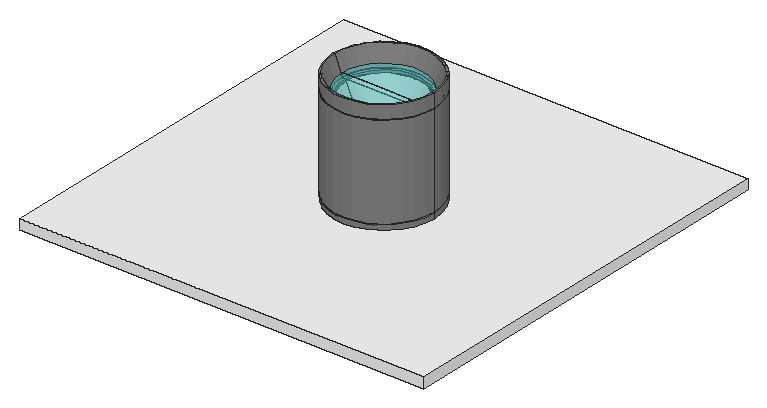
Revit family "BE_24409_de_DE", category Leuchten, Revit 2020
Family settings
  Basisbauteil = Fläche
  Bemaßung runder Anschluss = Durchmesser verwenden
  Teiletyp = Normal
  Beim Laden mit Abzugskörper schneiden = Ja
  Lichtquelle = Ja
  Gemeinsam genutzt = Nein
  Raumberechnungspunkt = Ja
Parameters (values of type "BEGA_24409_Grafit_K3")
  built-in parameter 1150104 = 10.405 (stored number, unit not read)
  Wattage = 8 W
  Default Elevation = 0 mm
  built-in parameter 1150113 = 1 (stored number, unit not read)
  built-in parameter 1114218 = 1 (stored number, unit not read)
  Umgebungstemperatur = "25 °C"
  URL = "https://www.bega.com/de/produkt/24409"
  Typenkommentare = "© 2022 BEGA. Wir behalten uns das Recht vor, technische Änderungen ohne vorherige Ankündigung vorzunehmen."  # constant formula
  Type Image = 24409.png
  built-in parameter 1150134 = (empty or 0)
  built-in parameter 1150109 = 1 (stored number, unit not read)
  Strom = ""
  built-in parameter 1150110 = 1 (stored number, unit not read)
  Spannung = 239.996 V
  Sonderanfertigung = no
  Seriennummer [instance] = "Hier können Sie die eindeutige Seriennummer für das Facility Management eintragen."
  Schutzklasse = "I"
  Schutzart = "IP 65"
  Scheinlast = 0 VA
  Produktdatenblatt = "https://cdn.bega.com/bega/products/24409K3/current/documents/data-sheets/de"
  Oberflächentemperatur = ""
  Neigungswinkel = 0.00°
  Modell = "24409K3"
  Material_17 = BEGA_Reflektor
  Material_15 = BEGA_Leuchtmedium_matt
  Material_11 = BEGA_Glas_opal
  Material_09 = BEGA_Glas_klar
  Material_06 = BEGA_Oberfläche_Edelstahl_gebürstet
  Material_03 = BEGA_Oberfläche_Weiss_matt
  Material_02 = BEGA_Oberfläche_Silber_matt
  Material_01 [instance] = BEGA_Oberfläche_Grafit_matt
  M_W = no
  M_G = yes
  M_A = no
  Logo = 0
  built-in parameter 1114217 = 1 (stored number, unit not read)
  built-in parameter 1150139 = (empty or 0)
  built-in parameter 1150105 = 71.301 (stored number, unit not read)
  built-in parameter 1150114 = 1 (stored number, unit not read)
  Lumens = 896 lm
  built-in parameter 1150115 = 1 (stored number, unit not read)
  Leuchtenlichtstrom = "899 lm"
  Leuchtenanzahl = ""
  Lebensdauerkriterien = "L70B50 @ 25 °C = 200000 h"
  Lastklassifizierung = Beleuchtung
  built-in parameter 1150112 = 1 (stored number, unit not read)
  Lampenlichtstrom = "1165 lm"
  Lampe = "LED 8 W"
  LED_Modulbezeichnung = "LED-1030/830"
  Hersteller = "BEGA"  # constant formula
  Halbstreuwinkel = ""
  Gewicht = "0.8 kg"
  Gebrauchslageneinschränkung [instance] = ""
  Frequenz = "0/50-60 Hz"
  Farbwiedergabeindex = "CRI > 80"
  Farbtemperaturverschiebung bei Dämpfen der Lampe = <Keine Auswahl>
  Farbtemperatur = "3000 K"
  Color Filter = 16777215
  built-in parameter 1150133 = 10 (stored number, unit not read)
  Energieeffizienzklasse = "LED A++ - A"
  built-in parameter 1150137 = (empty or 0)
  built-in parameter 1150132 = (empty or 0)
  ENEC = "ja"
  Dimmbar [instance] = "on/off"
  Datei für fotometrisches Netz = "BE_24409K3.IES"
  CE_Konformität = "ja"
  Bestellnummer = "24409K3"
  Beschreibung_Sonderanfertigung = "Hier können Sie Informationen zur Sonderanfertigung eintragen."
  Beschreibung = "Deckenaufbau-Tiefstrahler"
  built-in parameter 1150106 = 0.71301 (stored number, unit not read)
  Befestigungsbohrung = "Ø 4,3 mm"
  Befestigungsabstand = "76 mm"
  Ballwurfsicher = ""
  BEGA_Intern_aus = yes
  BEGA_Intern_an = yes
  BEGA_Intern_Konstruktion = yes
  BEGA_Intern = yes
  BEGA_IES = yes
  BEGA_Dummy = no
  Anschlussleitung = ""
  Anschlussleistung [instance] = "9.2 W"
  Anschlusskasten = ""
  built-in parameter 1150107 = 3000 (stored number, unit not read)
  built-in parameter 1150102 = (empty or 0)
  built-in parameter 1150138 = (empty or 0)
  Aktualisierung = "2022-05-18T04:00:07"
  Abstand_zur_angestrahlten_Fläche [instance] = ""
  AC/DC = "AC/DC"
Types (4, lengths in mm): name | built-in parameter 1150104 | built-in parameter 1150134 | Modell | M_W | M_G | built-in parameter 1150105 | Lumens | Leuchtenlichtstrom | Lampenlichtstrom | LED_Modulbezeichnung | Farbtemperatur | Datei für fotometrisches Netz | Bestellnummer | built-in parameter 1150106 | built-in parameter 1150107
  BEGA_24409_Weiß_K4 | 11.148 (stored number, unit not read) | 12 | "24409WK4" | yes | no | 1244 (stored number, unit not read) | 960 lm | "957 lm" | "1240 lm" | "LED-1030/840" | "4000 K" | "BE_24409K4.IES" | "24409WK4" | 12.44 (stored number, unit not read) | 4000 (stored number, unit not read)
  BEGA_24409_Weiß_K3 | 10.405 (stored number, unit not read) | (empty or 0) | "24409WK3" | yes | no | 1161 (stored number, unit not read) | 896 lm | "899 lm" | "1165 lm" | "LED-1030/830" | "3000 K" | "BE_24409K3.IES" | "24409WK3" | 11.61 (stored number, unit not read) | 3000 (stored number, unit not read)
  BEGA_24409_Grafit_K4 | 11.148 (stored number, unit not read) | 12 | "24409K4" | no | yes | 1244 (stored number, unit not read) | 960 lm | "957 lm" | "1240 lm" | "LED-1030/840" | "4000 K" | "BE_24409K4.IES" | "24409K4" | 12.44 (stored number, unit not read) | 4000 (stored number, unit not read)
  BEGA_24409_Grafit_K3 | 10.405 (stored number, unit not read) | (empty or 0) | "24409K3" | no | yes | 71.301 (stored number, unit not read) | 896 lm | "899 lm" | "1165 lm" | "LED-1030/830" | "3000 K" | "BE_24409K3.IES" | "24409K3" | 0.71301 (stored number, unit not read) | 3000 (stored number, unit not read)
Reference planes
  plane 1 "Mitte (Vorne/Hinten)": y = 0
  plane 2: z = 0
  plane 3 "Mitte (Links/Rechts)": x = 0
  plane 4 "Links": x = -50
  plane 5 "Rechts": x = 50
  plane 6 "Unten": y = -50
  plane 7 "Oben": y = 50
  plane 8 "Vorne": z = 111.421
  plane 9 "Hinten": z = 0
Forms (mm)
  Extrusion 1, solid, material "BEGA_Platte_Weiss"
    sketch origin (0, -1119.2, 0) x (1, 0, 0) y (0, 1, 0)
      loop
        line (-200, 1319.2) -> (-200, 919.2) -> (200, 919.2) -> (200, 1319.2) -> (-200, 1319.2)
    from 0 to -10
  Extrusion 2, solid, material "BEGA_Dummy_matt", visible <- "BEGA_Dummy"
    sketch origin (77.149, -76.023, 0) x (1, 0, 0) y (0, 1, 0)
      loop
        circle (-77.149, 76.023) r 50
    from 0 to 111.4
Dimensions and locks
  plane 1 "Mitte (Vorne/Hinten)" to Extrusion 1 = 200 mm
  aligned and locked: plane 2 to Extrusion 1
  aligned and locked: level to Extrusion 1
Nested families
  nested 1: "BE_24409" at (0, 0, 0), type "BE_24409"
Connectors
  electrical at (0, 0, 0), driven by "Lastklassifizierung", driven by "Spannung", driven by "Scheinlast"
    settings: index 1, voltage 239.996 V, apparent load 0 VA, apparent load phase1 0 VA, apparent load phase2 0 VA, apparent load phase3 0 VA, power factor 1, load classification "Beleuchtung", number of poles 1, system type 31, power factor state 1, is connector primary yes, connector utility no, sub classification motor no, connector description ""
Definition of nested family "BE_24409"
  Parameters (values of type "BE_24409")
    Default Elevation = 1 mm
    URL = "http://www.bega.de/de/produkt"
    Type Comments = "© 2015 BEGA. Wir behalten uns das Recht vor, technische Änderungen ohne vorherige Ankündigung vorzunehmen. "  # constant formula
    Type Image = (empty or 0)
    Neigungswinkel_um_Z2 = 0.00°
    Neigungswinkel_um_Z1 = 0.00°
    Neigungswinkel_um_Y2 = 0.00°
    Neigungswinkel_um_Y1 = 0.00°
    Neigungswinkel_um_X2 = 0.00°
    Neigungswinkel_um_X1 = 0.00°
    Material_17 = none
    Material_15 = none
    Material_11 = none
    Material_09 = none
    Material_06 = none
    Material_03 = none
    Material_02 = none
    Material_01 = none
    M_W = yes
    M_G = yes
    M_A = yes
    Länge_Platte = 200 mm  # constant formula
    Höhe_Platte = -10 mm  # constant formula
    Manufacturer = "BEGA"  # constant formula
    Drehwinkel_um_Z2 = 0.00°
    Drehwinkel_um_Z1 = 0.00°
    Breite_Platte = 200 mm  # constant formula
  Reference planes
    plane 1 "Mitte (Oben/Unten)": y = 0
    plane 2: z = 0
    plane 3 "Mitte (Links/Rechts)": x = 0
    plane 4 "Vorne": z = 111.4
    plane 5 "Hinten": z = -25
    plane 6 "Links": x = -50
    plane 7 "Oben": y = 50
    plane 8 "Unten": y = -50
    plane 9: x = 50
  Forms (mm)
    Extrusion 1, solid, detail levels medium
      sketch origin (0, 0, 0) x (1, 0, 0) y (0, 1, 0)
        loop
          line (-100, 100) -> (-100, -100) -> (100, -100) -> (100, 100) -> (-100, 100)
      from 0 to -10 <- "Höhe_Platte"
    Revolve 2, solid, material <- "Material_01", visible <- "M_G"
      sketch origin (0, 0, 0) x (1, 0, 0) y (0, 0, 1)
        loop
          line (-50, 111.4) -> (-50, 98.417) -> (-47.884, 98.194) -> (-45.886, 94.734) -> (-47, 94.091) -> (-47, 85.55) -> (-45.078, 84.9) -> (-42.843, 84.9) -> (-42.651, 90.4) -> (-38.087, 90.4) -> (-38, 92.9) -> (-41.306, 92.9) -> (-48.5, 111.4) -> (-50, 111.4)
        axis (0, 111.4) -> (0, 84.9)
      angle from 0 to 360
    Revolve 3, solid, material <- "Material_01", visible <- "M_G"
      sketch origin (0, 0, 0) x (1, 0, 0) y (0, 0, 1)
        loop
          line (-50, 97.4) -> (-50, 6) -> (-47.965, 6) -> (-47.303, 24.964) -> (-40.001, 24.964) -> (-39.417, 41.7) -> (0, 41.7) -> (0, 46.7) -> (-38.893, 46.7) -> (-40, 78.398) -> (-47.293, 78.398) -> (-48, 94.4) -> (-49.092, 97.4) -> (-50, 97.4)
        axis (0, 6) -> (0, 97.4)
      angle from 0 to 360
    Revolve 4, solid, material <- "Material_17"
      sketch origin (0, 0, 0) x (1, 0, 0) y (0, 0, 1)
        loop
          line (-41.5, 89.2) -> (-38.478, 89.2)
          arc (-38.478, 89.2) -> (-29.406, 69.485) -> (-18.265, 50.861) r 201.35
          arc (-18.265, 50.861) -> (-17.747, 50.387) -> (-17.071, 50.2) r 1.5
          line (-17.071, 50.2) -> (-15.5, 50.2)
          arc (-15.5, 50.2) -> (-15.113, 50.384) -> (-15.01, 50.8) r 0.5
          arc (-15.01, 50.8) -> (-15.113, 51.216) -> (-15.5, 51.4) r 0.5
          line (-15.5, 51.4) -> (-16.996, 51.4)
          arc (-16.996, 51.4) -> (-28.322, 70.334) -> (-37.493, 90.4) r 199.946
          line (-37.493, 90.4) -> (-41.458, 90.4) -> (-41.5, 89.2)
        axis (0, 50.2) -> (0, 90.4)
      angle from 0 to 360
    Revolve 5, solid, material <- "Material_09"
      sketch origin (0, 0, 0) x (1, 0, 0) y (0, 0, 1)
        loop
          line (0, 97) -> (-41, 97) -> (-41, 92.9) -> (0, 92.9) -> (0, 97)
        axis (0, 92.9) -> (0, 97)
      angle from 0 to 360
    Revolve 6, solid, material <- "Material_03", visible <- "M_W"
      sketch origin (0, 0, 0) x (1, 0, 0) y (0, 0, 1)
        loop
          line (-50, 111.4) -> (-50, 98.417) -> (-47.884, 98.194) -> (-45.886, 94.734) -> (-47, 94.091) -> (-47, 85.55) -> (-45.078, 84.9) -> (-42.843, 84.9) -> (-42.651, 90.4) -> (-38.087, 90.4) -> (-38, 92.9) -> (-41.306, 92.9) -> (-48.5, 111.4) -> (-50, 111.4)
        axis (0, 111.4) -> (0, 84.9)
      angle from 0 to 360
    Revolve 7, solid, material <- "Material_03", visible <- "M_W"
      sketch origin (0, 0, 0) x (1, 0, 0) y (0, 0, 1)
        loop
          line (-50, 97.4) -> (-50, 6) -> (-47.965, 6) -> (-47.303, 24.964) -> (-40.001, 24.964) -> (-39.417, 41.7) -> (0, 41.7) -> (0, 46.7) -> (-38.893, 46.7) -> (-40, 78.398) -> (-47.293, 78.398) -> (-48, 94.4) -> (-49.092, 97.4) -> (-50, 97.4)
        axis (0, 6) -> (0, 97.4)
      angle from 0 to 360
    Revolve 8, solid, material <- "Material_15"
      sketch origin (0, 0, 0) x (1, 0, 0) y (0, 0, 1)
        loop
          line (-13.933, 48.423) -> (0, 48.423) -> (0, 49.205) -> (-13.933, 49.205) -> (-13.933, 48.423)
        axis (0, 48.423) -> (0, 49.423)
      angle from 0 to 360
    Revolve 9, solid, material <- "Material_01", visible <- "M_G"
      sketch origin (0, 0, 0) x (1, 0, 0) y (0, 0, 1)
        loop
          line (0, 16) -> (-38.731, 16) -> (-42.91, 16) -> (-42.91, 18.5) -> (-47, 18.5) -> (-47, 5.299) -> (-50, 4.983) -> (-50, 0) -> (-43.105, 0) -> (-42.651, 13) -> (0, 13) -> (0, 16)
        axis (0, 18.5) -> (0, 0)
      angle from 0 to 360
    Extrusion 10, solid, material <- "Material_01", visible <- "M_G"
      sketch origin (0, 0, 0) x (1, 0, 0) y (0, 1, 0)
        loop
          circle (-38, 0) r 6.17
        loop
          circle (38, 0) r 6.17
        loop
          circle (-38, 0) r 2.145
        loop
          circle (38, 0) r 2.145
      from 0 to 19.705
    Revolve 11, solid, material <- "Material_03", visible <- "M_W"
      sketch origin (0, 0, 0) x (1, 0, 0) y (0, 0, 1)
        loop
          line (0, 16) -> (-38.731, 16) -> (-42.91, 16) -> (-42.91, 18.5) -> (-47, 18.5) -> (-47, 5.299) -> (-50, 4.983) -> (-50, 0) -> (-43.105, 0) -> (-42.651, 13) -> (0, 13) -> (0, 16)
        axis (0, 18.5) -> (0, 0)
      angle from 0 to 360
    Extrusion 12, solid, material <- "Material_03", visible <- "M_W"
      sketch origin (0, 0, 0) x (1, 0, 0) y (0, 1, 0)
        loop
          circle (-38, 0) r 6.17
        loop
          circle (38, 0) r 6.17
        loop
          circle (-38, 0) r 2.145
        loop
          circle (38, 0) r 2.145
      from 0 to 19.705
    Extrusion 13, void
      sketch origin (0, 0, 0) x (1, 0, 0) y (0, 1, 0)
        loop
          circle (0, 29) r 7.197
      from 10.843 to 18.77
  Cuts and joins
    Extrusion 13 cuts Revolve 9
    Extrusion 13 cuts Extrusion 10
    joined: Revolve 9, Extrusion 10
    Extrusion 13 cuts Revolve 11
    Extrusion 13 cuts Extrusion 12
    joined: Revolve 11, Extrusion 12
    Extrusion 13 cuts Revolve 3
    Extrusion 13 cuts Revolve 4
    Extrusion 13 cuts Revolve 5
    Extrusion 13 cuts Revolve 7
  Dimensions and locks
    equal spacing: Extrusion 1 sketch curve, plane 3 "Mitte (Links/Rechts)", Extrusion 1 sketch curve
    equal spacing: Extrusion 1 sketch curve, plane 1 "Mitte (Oben/Unten)", Extrusion 1 sketch curve
    "Länge_Platte": Extrusion 1 sketch curve to Extrusion 1 sketch curve
    "Breite_Platte": Extrusion 1 sketch curve to Extrusion 1 sketch curve
    aligned and locked: plane 2 to Extrusion 1
    aligned and locked: level to Extrusion 1
  Automatic sketch dimensions
    Revolve 2 sketch curve to plane 3 "Mitte (Links/Rechts)" = 0 mm
    Revolve 2 sketch curve to Revolve 2 sketch curve = 0.087 mm
    Revolve 2 sketch curve to Revolve 2 sketch curve = 0.192 mm
    Revolve 2 sketch curve to Revolve 2 sketch curve = 2.235 mm
    Revolve 2 sketch curve to Revolve 2 sketch curve = 1.922 mm
    Revolve 2 sketch curve to Revolve 2 sketch curve = 1.998 mm
    Revolve 2 sketch curve to Revolve 2 sketch curve = 0.616 mm
    Revolve 2 sketch curve to Revolve 2 sketch curve = 1.5 mm
    level to Revolve 2 sketch curve = 84.9 mm
    Revolve 2 sketch curve to Revolve 2 sketch curve = 0.65 mm
    Revolve 2 sketch curve to Revolve 2 sketch curve = 5.5 mm
    Revolve 2 sketch curve to Revolve 2 sketch curve = 2.5 mm
    Revolve 2 sketch curve to Revolve 2 sketch curve = 3.691 mm
    Revolve 2 sketch curve to Revolve 2 sketch curve = 0.643 mm
    Revolve 2 sketch curve to Revolve 2 sketch curve = 0.222 mm
    Revolve 2 sketch curve to Revolve 2 sketch curve = 12.983 mm
    Revolve 2 sketch curve to Revolve 2 sketch curve = 3.306 mm
    Revolve 2 sketch curve to Revolve 2 sketch curve = 8.578 mm
    Revolve 2 sketch curve to Revolve 2 sketch curve = 6.422 mm
    Revolve 2 sketch curve to plane 3 "Mitte (Links/Rechts)" = 38 mm
    Revolve 2 sketch curve to Revolve 2 sketch curve = 1.345 mm
    Revolve 2 sketch curve to Revolve 2 sketch curve = 1.114 mm
    Revolve 3 sketch curve to plane 3 "Mitte (Links/Rechts)" = 0 mm  (x2)
    Revolve 3 sketch curve to Revolve 3 sketch curve = 38.893 mm
    Revolve 3 sketch curve to Revolve 3 sketch curve = 0.524 mm
    Revolve 3 sketch curve to Revolve 3 sketch curve = 1.107 mm
    Revolve 3 sketch curve to Revolve 3 sketch curve = 0.584 mm
    Revolve 3 sketch curve to Revolve 3 sketch curve = 7.293 mm
    Revolve 3 sketch curve to Revolve 3 sketch curve = 7.302 mm
    level to Revolve 3 sketch curve = 6 mm
    Revolve 3 sketch curve to Revolve 3 sketch curve = 0.662 mm
    Revolve 3 sketch curve to Revolve 3 sketch curve = 0.707 mm
    Revolve 3 sketch curve to Revolve 3 sketch curve = 1.092 mm
    Revolve 3 sketch curve to Revolve 3 sketch curve = 0.908 mm
    Revolve 3 sketch curve to Revolve 3 sketch curve = 18.964 mm
    Revolve 3 sketch curve to Revolve 3 sketch curve = 16.736 mm
    Revolve 3 sketch curve to Revolve 3 sketch curve = 5 mm
    Revolve 3 sketch curve to Revolve 3 sketch curve = 31.698 mm  (x2)
    Revolve 3 sketch curve to Revolve 3 sketch curve = 16.002 mm
    Revolve 3 sketch curve to Revolve 3 sketch curve = 3 mm
    Revolve 3 sketch curve to Revolve 3 sketch curve = 26.486 mm
    Revolve 4 sketch curve to plane 3 "Mitte (Links/Rechts)" = 0 mm
    Revolve 4 sketch curve to plane 3 "Mitte (Links/Rechts)" = 15.5 mm
    Revolve 4 sketch curve to Revolve 4 sketch curve = 0 mm  (x2)
    Revolve 4 sketch curve to Revolve 4 sketch curve = 1.496 mm
    Revolve 4 sketch curve to Revolve 4 sketch curve = 0.025 mm
    Revolve 4 sketch curve to Revolve 4 sketch curve = 0.075 mm
    Revolve 4 sketch curve to plane 3 "Mitte (Links/Rechts)" = 37.493 mm
    Revolve 4 sketch curve to Revolve 4 sketch curve = 0.985 mm
    Revolve 4 sketch curve to Revolve 4 sketch curve = 2.98 mm
    Revolve 4 sketch curve to Revolve 4 sketch curve = 0.042 mm
    Revolve 4 sketch curve to Revolve 4 sketch curve = 0.037 mm  (x2)
    level to Revolve 4 sketch curve = 50.2 mm
    Revolve 4 sketch curve to Revolve 4 sketch curve = 0.5 mm  (x2)
    Revolve 4 sketch curve to Revolve 4 sketch curve = 0.2 mm
    Revolve 4 sketch curve to Revolve 4 sketch curve = 0.299 mm
    Revolve 4 sketch curve to Revolve 4 sketch curve = 37.501 mm
    Revolve 4 sketch curve to Revolve 4 sketch curve = 1.2 mm
    Revolve 4 sketch curve to Revolve 4 sketch curve = 20 mm
    Revolve 4 sketch curve to Revolve 4 sketch curve = 8.528 mm
    Revolve 5 sketch curve to plane 3 "Mitte (Links/Rechts)" = 0 mm  (x2)
    Revolve 5 sketch curve to Revolve 5 sketch curve = 41 mm
    level to Revolve 5 sketch curve = 92.9 mm
    Revolve 5 sketch curve to Revolve 5 sketch curve = 4.1 mm
    Revolve 5 sketch curve to Revolve 5 sketch curve = 5 mm
    Revolve 5 sketch curve to Revolve 5 sketch curve = 6.689 mm
    Revolve 6 sketch curve to plane 3 "Mitte (Links/Rechts)" = 0 mm
    Revolve 6 sketch curve to plane 3 "Mitte (Links/Rechts)" = 38 mm
    Revolve 6 sketch curve to Revolve 6 sketch curve = 0.087 mm
    Revolve 6 sketch curve to Revolve 6 sketch curve = 3.306 mm
    Revolve 6 sketch curve to Revolve 6 sketch curve = 1.345 mm
    Revolve 6 sketch curve to Revolve 6 sketch curve = 0.192 mm
    Revolve 6 sketch curve to Revolve 6 sketch curve = 2.235 mm
    Revolve 6 sketch curve to Revolve 6 sketch curve = 4.58 mm
    Revolve 6 sketch curve to Revolve 6 sketch curve = 1.922 mm
    Revolve 6 sketch curve to Revolve 6 sketch curve = 1.998 mm
    Revolve 6 sketch curve to Revolve 6 sketch curve = 0.616 mm
    Revolve 6 sketch curve to Revolve 6 sketch curve = 1.5 mm
    level to Revolve 6 sketch curve = 84.9 mm
    Revolve 6 sketch curve to Revolve 6 sketch curve = 0.65 mm
    Revolve 6 sketch curve to Revolve 6 sketch curve = 5.5 mm
    Revolve 6 sketch curve to Revolve 6 sketch curve = 2.5 mm
    Revolve 6 sketch curve to Revolve 6 sketch curve = 3.691 mm
    Revolve 6 sketch curve to Revolve 6 sketch curve = 0.643 mm
    Revolve 6 sketch curve to Revolve 6 sketch curve = 0.222 mm
    Revolve 6 sketch curve to Revolve 6 sketch curve = 12.983 mm
    Revolve 6 sketch curve to Revolve 6 sketch curve = 8.578 mm
    Revolve 6 sketch curve to Revolve 6 sketch curve = 6.422 mm
    Revolve 7 sketch curve to plane 3 "Mitte (Links/Rechts)" = 0 mm  (x2)
    Revolve 7 sketch curve to plane 3 "Mitte (Links/Rechts)" = 38.893 mm
    Revolve 7 sketch curve to Revolve 7 sketch curve = 0.524 mm
    Revolve 7 sketch curve to Revolve 7 sketch curve = 1.107 mm
    Revolve 7 sketch curve to Revolve 7 sketch curve = 0.584 mm
    Revolve 7 sketch curve to Revolve 7 sketch curve = 7.293 mm
    Revolve 7 sketch curve to Revolve 7 sketch curve = 7.302 mm
    level to Revolve 7 sketch curve = 6 mm
    Revolve 7 sketch curve to Revolve 7 sketch curve = 0.662 mm
    Revolve 7 sketch curve to Revolve 7 sketch curve = 0.707 mm
    Revolve 7 sketch curve to Revolve 7 sketch curve = 1.092 mm
    Revolve 7 sketch curve to Revolve 7 sketch curve = 0.908 mm
    Revolve 7 sketch curve to Revolve 7 sketch curve = 18.964 mm
    Revolve 7 sketch curve to Revolve 7 sketch curve = 16.736 mm
    Revolve 7 sketch curve to Revolve 7 sketch curve = 5 mm
    Revolve 7 sketch curve to Revolve 7 sketch curve = 31.698 mm  (x2)
    Revolve 7 sketch curve to Revolve 7 sketch curve = 16.002 mm
    Revolve 7 sketch curve to Revolve 7 sketch curve = 3 mm
    Revolve 7 sketch curve to Revolve 7 sketch curve = 26.486 mm
    Revolve 8 sketch curve to plane 3 "Mitte (Links/Rechts)" = 0 mm  (x2)
    Revolve 8 sketch curve to plane 3 "Mitte (Links/Rechts)" = 13.933 mm
    level to Revolve 8 sketch curve = 48.423 mm
    Revolve 8 sketch curve to Revolve 8 sketch curve = 0.782 mm
    Revolve 8 sketch curve to Revolve 8 sketch curve = 2.192 mm
    Revolve 8 sketch curve to Revolve 8 sketch curve = 2.28 mm
    plane 4 "Vorne" to Revolve 4 sketch curve = 51.954 mm
    Revolve 9 sketch curve to plane 6 "Links" = 0 mm
    Revolve 9 sketch curve to level = 0 mm
    Revolve 9 sketch curve to plane 3 "Mitte (Links/Rechts)" = 0 mm  (x2)
    plane 6 "Links" to Revolve 9 sketch curve = 3 mm
    Revolve 9 sketch curve to Revolve 9 sketch curve = 3.895 mm
    Revolve 9 sketch curve to Revolve 9 sketch curve = 4.09 mm
    Revolve 9 sketch curve to Revolve 9 sketch curve = 0.259 mm
    Revolve 9 sketch curve to Revolve 9 sketch curve = 4.179 mm
    Revolve 9 sketch curve to Revolve 9 sketch curve = 4.983 mm
    Revolve 9 sketch curve to Revolve 9 sketch curve = 0.315 mm
    Revolve 9 sketch curve to Revolve 9 sketch curve = 7.701 mm
    Revolve 9 sketch curve to Revolve 9 sketch curve = 3 mm
    Revolve 9 sketch curve to Revolve 9 sketch curve = 2.5 mm
    Revolve 9 sketch curve to Revolve 9 sketch curve = 4.431 mm
    Revolve 9 sketch curve to Revolve 9 sketch curve = 13.732 mm
    Extrusion 10 sketch curve to Extrusion 10 sketch curve = 0 mm  (x4)
    Extrusion 10 sketch curve to plane 1 "Mitte (Oben/Unten)" = 0 mm  (x2)
    plane 6 "Links" to Extrusion 10 sketch curve = 12 mm
    plane 9 to Extrusion 10 sketch curve = 12 mm
    Revolve 11 sketch curve to plane 6 "Links" = 0 mm
    Revolve 11 sketch curve to level = 0 mm
    Revolve 11 sketch curve to plane 3 "Mitte (Links/Rechts)" = 0 mm  (x2)
    plane 6 "Links" to Revolve 11 sketch curve = 3 mm
    Revolve 11 sketch curve to Revolve 11 sketch curve = 3.895 mm
    Revolve 11 sketch curve to Revolve 11 sketch curve = 4.09 mm
    Revolve 11 sketch curve to Revolve 11 sketch curve = 0.259 mm
    Revolve 11 sketch curve to Revolve 11 sketch curve = 4.179 mm
    Revolve 11 sketch curve to Revolve 11 sketch curve = 4.983 mm
    Revolve 11 sketch curve to Revolve 11 sketch curve = 0.315 mm
    Revolve 11 sketch curve to Revolve 11 sketch curve = 7.701 mm
    Revolve 11 sketch curve to Revolve 11 sketch curve = 3 mm
    Revolve 11 sketch curve to Revolve 11 sketch curve = 2.5 mm
    Revolve 11 sketch curve to Revolve 11 sketch curve = 4.431 mm
    Revolve 11 sketch curve to Revolve 11 sketch curve = 13.732 mm
    Extrusion 12 sketch curve to Extrusion 12 sketch curve = 0 mm  (x4)
    Extrusion 12 sketch curve to plane 1 "Mitte (Oben/Unten)" = 0 mm  (x2)
    plane 6 "Links" to Extrusion 12 sketch curve = 12 mm
    plane 9 to Extrusion 12 sketch curve = 12 mm
    radius of Extrusion 10 sketch curve = 6.17 mm  (x2)
    radius of Extrusion 10 sketch curve = 2.145 mm  (x2)
    radius of Extrusion 12 sketch curve = 6.17 mm  (x2)
    radius of Extrusion 12 sketch curve = 2.145 mm  (x2)
